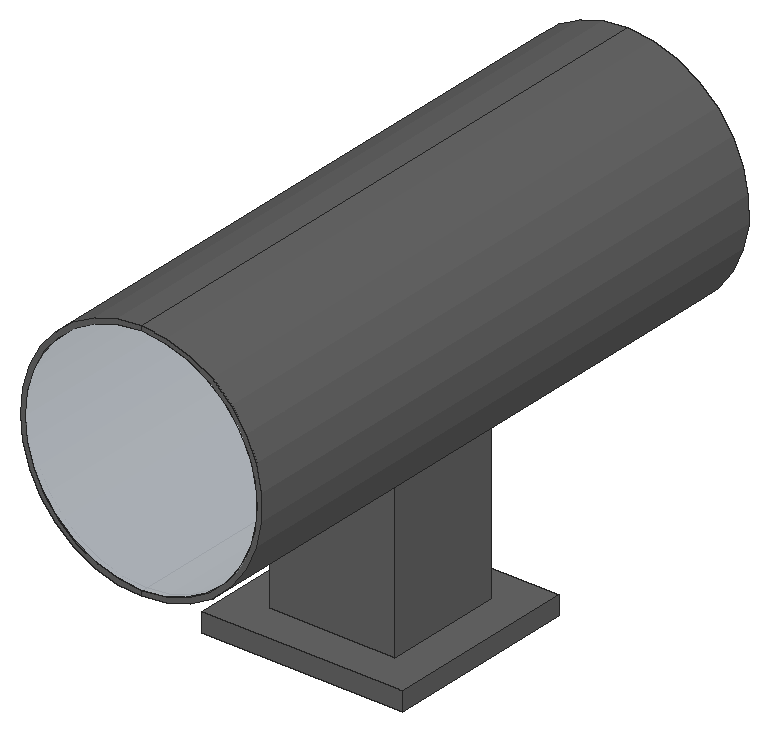
Revit family "LTC-4RDW-W", category Lighting Fixtures, host Face, Revit 2014
Parameters (values of type "LTC-4RDW-W")
  Wattage Comments = ""
  Wattage = 70 W
  Warranty = "• 5 year warranty\r\n• See HLI Standard Warranty for\r\nadditional information"  # constant formula
  built-in parameter 1150110 = 1 (stored number, unit not read)
  Voltage = 120 V
  built-in parameter 1114217 = 1 (stored number, unit not read)
  Tilt Angle = -90.00°  # constant formula
  built-in parameter 1150109 = 1 (stored number, unit not read)
  built-in parameter 1150134 = 3
  built-in parameter 1150113 = 1 (stored number, unit not read)
  Photometric Web File = "LTC-6RD-P-20L35K8MD-DM1-S-BL.ies"
  Features = "• 4inch architectural LED downlight and wall wash cylinder\r\ndelivering 600 - 7000 lm\r\n• 4 beam distributions from 0.3 to 1.1 Spacing Criteria\r\n• Quiet reflector appearance with 50º optical cutoff\r\n• 2700K - 5000K, 80+ and 90+ CRI options\r\n• Available in Surface, Wall, Pendant, or Cord Mount configurations\r\n• Variety of dimming protocol options including 0-10V, DALI, DMX,\r\nForward Phase and EcoSystem\r"  # constant formula
  Cord Height = 72.000"  # constant formula
  built-in parameter 1150105 = 389.93 (stored number, unit not read)
  Lumens = 4900 lm
  built-in parameter 1150115 = 1 (stored number, unit not read)
  built-in parameter 1150137 = (empty or 0)
  built-in parameter 1150139 = (empty or 0)
  built-in parameter 1150112 = 1 (stored number, unit not read)
  built-in parameter 1150114 = 1 (stored number, unit not read)
  built-in parameter 1150132 = (empty or 0)
  built-in parameter 1150102 = (empty or 0)
  built-in parameter 1150107 = 3200 (stored number, unit not read)
  built-in parameter 1150138 = (empty or 0)
  built-in parameter 1150106 = 3.8993 (stored number, unit not read)
  Emit from Circle Diameter = 5.600"  # constant formula
  Emit Shape Visible in Rendering = no
  built-in parameter 1150104 = 6.5032 (stored number, unit not read)
  Dimming Lamp Color Temperature Shift = <None>
  Copyright = "© 2019 Prescolite, a division of Hubbell Lighting, Inc"  # constant formula
  Contact us = "https://www.hubbell.com/prescolite/en/contactUs"
  Color Filter = 16777215
  Certifications = "• cCSAus certified to UL 1598\r\n• Wall Mount: Suitable for wet locations\r\n• Surface & Pendant Mount: Suitable for wet\r\nlocations under covered ceiling\r\n• Cord Mount and all Wall Wash: Suitable for\r\ndamp locations"  # constant formula
  built-in parameter 1114218 = 1 (stored number, unit not read)
  Ballast = Paint - Hubbell - Carbon Black
  URL = "http://www.prescolite.com/"
  Product Page URL = "https://www.hubbell.com/prescolite/en/Products/Lighting-Controls/Commercial-Indoor-Lighting/Cylinder/LITEISTRY-4-Round-Cylinder-DownlightWall-Wash/p/3775858"
  Product Documentation Link = "https://hubbellcdn.com/specsheet/LTC-4RDW.pdf"
  Model = "LTC-4RDW"  # constant formula
  Manufacturer = "Prescolite"  # constant formula
  Lamp = "LED Lamp"
  Reflector = Glass - Hubbell - Glass
  Description = "LITEISTRY™ 6inch Round Cylinder Downlight/Wall Wash"  # constant formula
  Default Elevation = 48.000"
  Backbox = Hubbell - Matt Black
  built-in parameter 1150133 = 10 (stored number, unit not read)
  Apparent Load = 72 VA  # constant formula
Reference planes (in)
  plane 1 "Center (Front/Back)": y = 0
  plane 2: z = 0
  plane 3 "Center (Left/Right)": x = 0
  plane 4: x = -1
  plane 5: y = 1
  plane 6: x = 1
  plane 7: y = -1
  plane 8: y = 7
  plane 9: y = -7
  plane 10: y = -2.25
  plane 11: y = 2.25
Forms (in)
  Sweep 1, solid, material "Hubbell - Matt Black" <- "Backbox"
    path origin (5.35334, -0.10203, -0.08036) x (1, 0, 0) y (0, 1, 0)
      loop
        line (-7.61401, 2.28999) -> (-7.61401, -2.21001) -> (-2.98901, -2.21001) -> (-2.98901, 2.28999) -> (-7.61401, 2.28999)
    profile origin (0.05183, 2.18797, -0.08036) x (0, 1, 0) y (0, 0, 1)
      loop
        line (0, 0.4375) -> (-0.86619, 0.4375) -> (-0.86619, 3.97391) -> (-0.96619, 3.97391) -> (-0.96619, 0.3375) -> (-0.1, 0.3375) -> (-0.1, 0) -> (0, 0) -> (0, 0.4375)
Dimensions and locks (in)
  plane 4 to plane 3 "Center (Left/Right)" to plane 6 = 1.000" locked, 1.000" locked
  plane 5 to plane 1 "Center (Front/Back)" to plane 7 = 1.000" locked, 1.000" locked
  locked: Sweep 1 sketch curve to Sweep 1 sketch curve at 3.63641
  locked: Sweep 1 sketch curve to Sweep 1 sketch curve at 0.96619
  locked: Sweep 1 sketch curve to Sweep 1 sketch curve at 0.1  (x2)
  aligned and locked: plane 2 to host face
  aligned and locked: plane 3 "Center (Left/Right)" to imposter light
Nested families (in)
  nested 1: "LTC" at (0, -0.64635, -1.5) x (0, -1, 0) z (0, 0, 1), Ballast <- "Ballast", Reflector <- "Reflector", type "6"
    with Reflector Glass - Hubbell - Glass, Ballast Paint - Hubbell - Carbon Black
Connectors (in)
  electrical at (0, 0, 0), driven by "Description", driven by "Voltage", driven by "Apparent Load"
    settings: index 1, voltage 120 V, apparent load 72 VA, apparent load phase1 0 VA, apparent load phase2 0 VA, apparent load phase3 0 VA, power factor 1, load classification "Other", number of poles 1, system type 30, power factor state 1, is connector primary yes, connector utility no, sub classification motor no, connector description "LITEISTRY™ 6inch Round Cylinder Downlight/Wall Wash"
Definition of nested family "LTC"
  Parameters (values of type "6")
    Width = 7.33984"
    Wattage Comments = ""
    Lamp = ""
    Ballast [instance] = Finish - Hubbell - Aluminium
    URL = ""
    Product Page URL = ""
    Product Documentation Link = ""
    Model = ""
    Manufacturer Phone = ""
    Manufacturer Fax = ""
    Manufacturer = "Prescolite"
    Reflector [instance] = Glass - Hubbell - Glass
    Description = ""
    Default Elevation = 48.000"
  Reference planes (in)
    plane 1 "Center (Front/Back)": y = 0
    plane 2: z = 0
    plane 3 "Center (Left/Right)": x = 0
    plane 4: y = 7.75
    plane 5: y = -7.75
    plane 6: x = -3.66992
    plane 7: x = 3.66992
    plane 8: x = 6.22865
    plane 9: x = -7.64635
    plane 10: z = 4.22643
    plane 11: x = 6.10365
  Forms (in)
    Extrusion 1, solid
      sketch origin (0, 0, 0) x (1, 0, 0) y (0, 1, 0)
        loop
          line (-48, 48) -> (-48, -48) -> (48, -48) -> (48, 48) -> (-48, 48)
      from 0 to -6
    Extrusion 2, solid, material "Glass - Hubbell - Glass" <- "Reflector"
      sketch origin (22.47865, 0, 7.77135) x (0, 0, -1) y (0, 1, 0)
        loop
          circle (0, 0) r 2.675
      from -16.25 to -16.375
    Revolve 3, solid, material "Finish - Hubbell - Aluminium" <- "Ballast"
      sketch origin (-9.02135, 0, 7.77135) x (0, 0, -1) y (1, 0, 0)
        loop
          line (2.79492, 15.25) -> (2.675, 15.25) -> (2.675, 1.375) -> (0, 1.375) -> (0, 1.25) -> (2.79492, 1.25) -> (2.79492, 15.25)
        axis (0, 15.25) -> (0, 1.25)
      angle from 0 to 360
  Dimensions and locks (in)
    locked: plane 4 to plane 1 "Center (Front/Back)" at 7.75
    locked: plane 5 to plane 1 "Center (Front/Back)" at 7.75
    "Width": plane 7 to plane 6
    equal spacing: plane 7, plane 3 "Center (Left/Right)", plane 6
    locked: plane 8 to plane 11 at 0.125
    aligned and locked: plane 2 to Extrusion 1
    aligned and locked: plane 8 to Revolve 3 sketch curve
    aligned and locked: plane 9 to Revolve 3 sketch curve
    aligned and locked: Extrusion 2 to Revolve 3
    aligned and locked: Extrusion 2 to plane 11
    aligned and locked: Extrusion 2 sketch curve to Revolve 3
  Automatic sketch dimensions
    Extrusion 1 sketch curve to Extrusion 1 sketch curve = 96.000"  (x2)
    Revolve 3 sketch curve to plane 9 = 0.125"
    Revolve 3 sketch curve to plane 10 = 3.54492"  (x2)
    Revolve 3 sketch curve to plane 10 = 0.750"
    Revolve 3 sketch curve to Revolve 3 sketch curve = 10.000"
    Revolve 3 sketch curve to Revolve 3 sketch curve = 8.000"
    Revolve 3 sketch curve to plane 10 = 0.86992"
